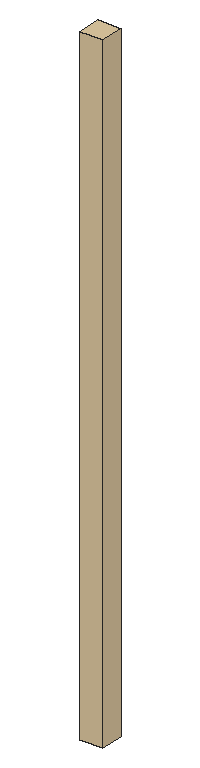
Revit family
Parameters (values of type "89x89")
  b = 89 mm
  d = 89 mm
  Column Material [instance] = Wood - Dimensional Lumber
Types (3, lengths in mm): name | b | d
  (no name) | 89 | 89
  89x89 | 89 | 89
  133x133 | 133 | 133
Reference planes
  plane 1 "Center (Front/Back)": y = 0
  plane 2: z = 0
  plane 3 "Center (Left/Right)": x = 0
  plane 4: x = -44.5
  plane 5: x = 44.5
  plane 6: y = 44.5
  plane 7: y = -44.5
Forms (mm)
  Extrusion 1, solid, material "Wood - Dimensional Lumber" <- "Column Material", detail levels medium+fine
    sketch origin (0, 0, 0) x (1, 0, 0) y (0, 1, 0)
      loop
        line (-44.5, 44.5) -> (-44.5, -44.5) -> (44.5, -44.5) -> (44.5, 44.5) -> (-44.5, 44.5)
    from 0 to 2500
Lines and regions (mm)
  symbolic lines, style "StructuralColumnStickSymbols", detail levels coarse
    curve 1: line (-44.5, 44.5, 0) -> (44.5, 44.5, 0)
    curve 2: line (-44.5, -44.5, 0) -> (44.5, -44.5, 0)
    curve 3: line (-44.5, 44.5, 0) -> (-44.5, -44.5, 0)
    curve 4: line (44.5, 44.5, 0) -> (44.5, -44.5, 0)
Dimensions and locks
  equal spacing: plane 4, plane 3 "Center (Left/Right)", plane 5
  equal spacing: plane 7, plane 1 "Center (Front/Back)", plane 6
  "d": plane 7 to plane 6
  "b": plane 4 to plane 5
  aligned and locked: plane 6 to Extrusion 1 sketch curve
  aligned and locked: Extrusion 1 sketch curve to plane 7
  aligned and locked: Extrusion 1 sketch curve to plane 4
  aligned and locked: plane 5 to Extrusion 1 sketch curve
  aligned and locked: level to Extrusion 1
  aligned and locked: level to plane 2
  aligned and locked: Extrusion 1 to plane 2
Automatic sketch dimensions
  curve 3 to plane 4 = 0 mm
  curve 4 to plane 5 = 0 mm
  curve 3 to plane 7 = 0 mm
  curve 3 to plane 6 = 0 mm
